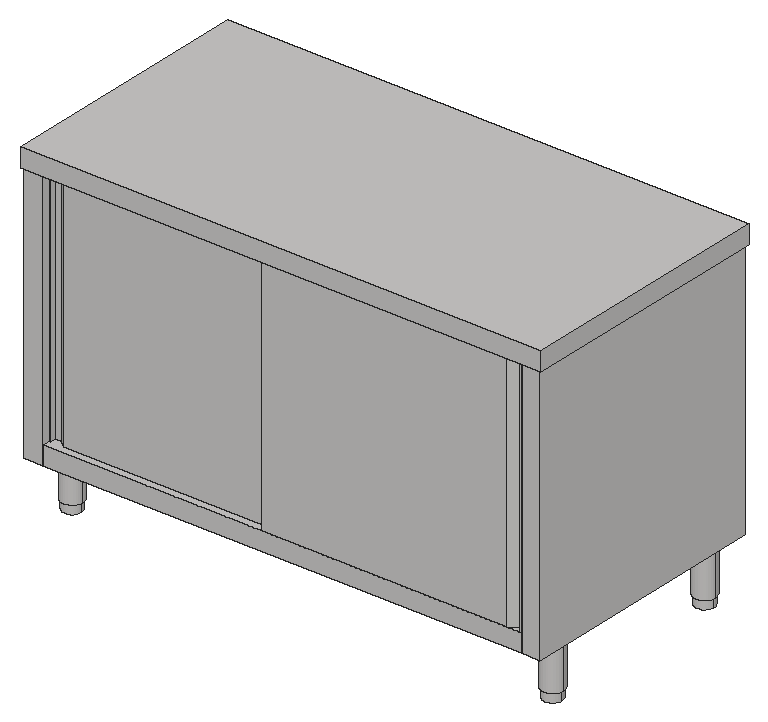
Revit family "QF_ELECTROLUXPROFESSIONAL_132772_MTN1400PN", category Attrezzature speciali, Revit 2020
Family settings
  Quota connettore circolare = Usa diametro
  Tipo di parte = Normale
  Basato su piano di lavoro = No
  Sempre verticale = Sì
  Taglio con vuoti quando caricato = No
  Condiviso = No
  Punto di calcolo locali = No
Parameters (values of type "Standard")
  Weight = 60.00 kg
  Watts = 0 W
  Volts = 0 V
  URL Manufacturer = "https://www.electroluxprofessional.com/"
  URL = "https://www.electroluxprofessional.com/"
  Steam Supply Size = 0 mm
  Steam Supply Minimum Pressure = 0.0 Pa
  Steam Supply Maximum Pressure = 0.0 Pa
  Steam Consumption per Hour = 0
  Refrigeration Suction Line Size = 0.0 mm
  Refrigeration Liquid Line Size = 0.0 mm
  Refrigerant Compressor Remote = yes
  Prospetto di default = 0.0 mm
  Produttore = "Electrolux Professional"
  Phase = 0
  Modello = "MTN1400PN"
  Length Actual = 1400.0 mm  # constant formula
  Item Number = "132772"
  Hot Water Size = 0 mm
  Height Actual = 900.0 mm  # constant formula
  HP = "0 HP"
  Gas Size = 0 mm
  Gas KW = 0
  Gas Input Pressure = 0 W
  Direct Waste Size = 0 mm
  Descrizione = "WORKTOP CUPB.+SHELF+SLIDING DOORS 1400MM"
  Depth Actual = 700.0 mm  # constant formula
  Cycle = 0 Hz
  Condensate Return Size = 0 mm
  Compressed Air Volume = 0.0 L/s
  Compressed Air Size = 0 mm
  Compressed Air Pressure = 0.0 Pa
  Cold Water Size = 0 mm
  Accessory = yes
Reference planes
  plane 1 "Center (Front/Back)": y = 0
  plane 2: z = 0
  plane 3 "Center (Left/Right)": x = -200
  plane 4 "LEFT": x = -900
  plane 5 "RIGHT": x = 500
  plane 6 "BACK": y = 350
  plane 7 "FRONT": y = -350
  plane 8 "Base": z = 850
  plane 9 "TOP": z = 900
  plane 10: x = -846.9
  plane 11: x = 446.9
  plane 12: y = 270
  plane 13: y = -241.9
  plane 14 "BodyLeft": x = -894.5
  plane 15 "BodyFront": y = -344.5
  plane 16 "BodyRight": x = 494.5
  plane 17 "BodyBack": y = 344.5
  plane 18 "FEET": z = 150
  plane 19: x = -144.5
  plane 20: x = -255.5
Forms (mm)
  Extrusion 1, solid, material "QF_Finishes_Stainless Steel"
    sketch origin (-200, 0, 0) x (0, 1, 0) y (0, 0, 1)
      loop
        line (-350, 850) -> (350, 850) -> (350, 900) -> (-350, 900) -> (-350, 850)
    from 700 to -700
  Extrusion 2, solid, material "QF_Finishes_Stainless Steel"
    sketch origin (0, 0, 150) x (-1, 0, 0) y (0, -1, 0)
      loop
        line (894.5, -344.5) -> (894.5, 344.5) -> (844.5, 344.5) -> (844.5, -344.5) -> (894.5, -344.5)
      loop
        line (-444.5, -344.5) -> (-444.5, 344.5) -> (-494.5, 344.5) -> (-494.5, -344.5) -> (-444.5, -344.5)
    from 0 to 700
  Extrusion 3, solid, material "QF_Finishes_Stainless Steel"
    sketch origin (0, 0, 150) x (-1, 0, 0) y (0, -1, 0)
      loop
        line (843.585, -344.5) -> (843.585, 344.5) -> (-444.5, 344.5) -> (-444.5, -344.5) -> (843.585, -344.5)
    from 0 to 50
  Extrusion 4, solid, material "QF_Finishes_Stainless Steel"
    sketch origin (0, 0, 150) x (-1, 0, 0) y (0, -1, 0)
      loop
        line (843.585, -344.5) -> (843.585, -294.5) -> (-444.5, -294.5) -> (-444.5, -344.5) -> (843.585, -344.5)
    from 50 to 700
  Extrusion 5, solid, material "QF_Finishes_Stainless Steel"
    sketch origin (0, 0, 150) x (-1, 0, 0) y (0, -1, 0)
      loop
        line (-444.5, 344.5) -> (-444.5, 324.5) -> (255.5, 324.5) -> (255.5, 344.5) -> (-404.5, 344.5) -> (-424.5, 329.5) -> (-439.5, 329.5) -> (-439.5, 344.5) -> (-444.5, 344.5)
    from 50 to 700
  Extrusion 6, solid, material "QF_Finishes_Stainless Steel"
    sketch origin (0, 20, 150) x (1, 0, 0) y (0, 1, 0)
      loop
        line (-844.5, -344.5) -> (-839.5, -344.5) -> (-839.5, -329.5) -> (-824.5, -329.5) -> (-804.5, -344.5) -> (-144.5, -344.5) -> (-144.5, -324.5) -> (-844.5, -324.5) -> (-844.5, -344.5)
    from 50 to 700
Lines and regions (mm)
  symbolic lines
    curve 1: line (500, 350, 900) -> (-900, 350, 900)
    curve 2: line (-900, 350, 900) -> (-900, -350, 900)
    curve 3: line (-900, -350, 900) -> (500, -350, 900)
    curve 4: line (500, -350, 900) -> (500, 350, 900)
  symbolic lines, style "SpecialityEquipmentHiddenLines"
    curve 5: line (-894.5, 344.5, 150) -> (494.5, 344.5, 150)
    curve 6: line (-894.5, -344.5, 150) -> (-894.5, 344.5, 150)
    curve 7: line (494.5, -344.5, 150) -> (-894.5, -344.5, 150)
    curve 8: line (494.5, 344.5, 150) -> (494.5, -344.5, 150)
    curve 9: line (-844.5, -304.5, 150) -> (-144.5, -304.5, 150)
    curve 10: line (-144.5, -304.5, 150) -> (-144.5, -324.5, 150)
    curve 11: line (-844.5, -324.5, 150) -> (444.5, -324.5, 150)
    curve 12: line (444.5, -324.5, 150) -> (444.5, -344.5, 150)
    curve 13: line (-255.5, -324.5, 150) -> (-255.5, -344.5, 150)
    curve 14: line (-844.5, -304.5, 150) -> (-844.5, -324.5, 150)
Dimensions and locks
  plane 4 "LEFT" to plane 5 "RIGHT" = 1400.0 mm
  equal spacing: plane 4 "LEFT", plane 3 "Center (Left/Right)", plane 5 "RIGHT"
  locked: plane 8 "Base" to level at 850
  plane 9 "TOP" to level = 900.0 mm
  plane 6 "BACK" to plane 7 "FRONT" = 700.0 mm
  equal spacing: plane 6 "BACK", plane 1 "Center (Front/Back)", plane 7 "FRONT"
  locked: plane 4 "LEFT" to plane 14 "BodyLeft" at 5.5
  locked: plane 16 "BodyRight" to plane 5 "RIGHT" at 5.5
  locked: plane 15 "BodyFront" to plane 7 "FRONT" at 5.5
  locked: plane 6 "BACK" to plane 17 "BodyBack" at 5.5
  locked: plane 14 "BodyLeft" to plane 10 at 47.6
  locked: plane 11 to plane 16 "BodyRight" at 47.6
  locked: plane 13 to plane 15 "BodyFront" at 102.6
  locked: plane 17 "BodyBack" to plane 12 at 74.5
  plane 10 to plane 11 = 1293.8 mm
  plane 12 to plane 13 = 511.9 mm
  locked: plane 14 "BodyLeft" to Extrusion 2 sketch curve at 50
  locked: Extrusion 2 sketch curve to Extrusion 2 sketch curve at 50
  Extrusion 3 to Extrusion 4 sketch curve = 50.0 mm
  Extrusion 2 to plane 19 = 700.0 mm
  plane 20 to Extrusion 2 = 700.0 mm
  locked: plane 18 "FEET" to level at 150
  aligned and locked: level to plane 2
  aligned and locked: plane 10 to nested 1
  aligned and locked: nested 1 to plane 13
  aligned and locked: plane 11 to nested 2
  aligned and locked: nested 2 to plane 13
  aligned and locked: plane 11 to nested 4
  aligned and locked: nested 4 to plane 12
  aligned and locked: plane 10 to nested 3
  aligned and locked: nested 3 to plane 12
  aligned and locked: Extrusion 1 to plane 4 "LEFT"
  aligned and locked: plane 5 "RIGHT" to Extrusion 1
  aligned and locked: curve 2 to plane 4 "LEFT"
  aligned and locked: plane 17 "BodyBack" to Extrusion 2 sketch curve
  aligned and locked: Extrusion 2 sketch curve to plane 15 "BodyFront"
  aligned and locked: Extrusion 2 sketch curve to plane 14 "BodyLeft"
  aligned and locked: plane 16 "BodyRight" to Extrusion 2 sketch curve
  aligned and locked: Extrusion 2 sketch curve to plane 17 "BodyBack"
  aligned and locked: plane 15 "BodyFront" to Extrusion 2 sketch curve
  aligned and locked: Extrusion 3 sketch curve to plane 17 "BodyBack"
  aligned and locked: plane 15 "BodyFront" to Extrusion 3 sketch curve
  aligned and locked: plane 8 "Base" to Extrusion 2
  aligned and locked: Extrusion 4 sketch curve to Extrusion 3
  aligned and locked: plane 8 "Base" to Extrusion 5
  aligned and locked: Extrusion 5 to Extrusion 3
  aligned and locked: Extrusion 6 sketch curve to plane 19
  aligned and locked: Extrusion 5 sketch curve to plane 20
  aligned and locked: Extrusion 1 to plane 8 "Base"
  aligned and locked: plane 9 "TOP" to Extrusion 1
  aligned and locked: curve 5 to plane 17 "BodyBack"
  aligned and locked: plane 14 "BodyLeft" to curve 6
  aligned and locked: plane 15 "BodyFront" to curve 7
  aligned and locked: plane 16 "BodyRight" to curve 8
Automatic sketch dimensions
  curve 3 to plane 7 "FRONT" = 0.0 mm
  curve 4 to plane 6 "BACK" = 0.0 mm
  Extrusion 1 sketch curve to plane 7 "FRONT" = 0.0 mm
  plane 9 "TOP" to Extrusion 1 sketch curve = 0.0 mm
  Extrusion 1 sketch curve to plane 6 "BACK" = 0.0 mm
  Extrusion 1 sketch curve to plane 8 "Base" = 0.0 mm
  Extrusion 5 sketch curve to plane 15 "BodyFront" = 0.0 mm  (x2)
  Extrusion 5 sketch curve to plane 11 = 2.4 mm
  Extrusion 5 sketch curve to Extrusion 5 sketch curve = 5.0 mm
  Extrusion 5 sketch curve to Extrusion 5 sketch curve = 15.0 mm
  Extrusion 5 sketch curve to Extrusion 5 sketch curve = 20.0 mm
  plane 15 "BodyFront" to Extrusion 5 sketch curve = 15.0 mm
  plane 15 "BodyFront" to Extrusion 5 sketch curve = 20.0 mm
  Extrusion 6 sketch curve to plane 15 "BodyFront" = 20.0 mm  (x2)
  Extrusion 6 sketch curve to plane 10 = 2.4 mm
  Extrusion 6 sketch curve to Extrusion 6 sketch curve = 5.0 mm
  Extrusion 6 sketch curve to Extrusion 6 sketch curve = 15.0 mm
  Extrusion 6 sketch curve to Extrusion 6 sketch curve = 20.0 mm  (x2)
  Extrusion 6 sketch curve to plane 15 "BodyFront" = 35.0 mm
  Extrusion 3 sketch curve to plane 11 = 2.4 mm
  plane 10 to Extrusion 3 sketch curve = 3.315 mm
  Extrusion 4 sketch curve to plane 11 = 2.4 mm
  plane 10 to Extrusion 4 sketch curve = 3.315 mm
  curve 10 to plane 19 = 0.0 mm
  curve 13 to plane 20 = 0.0 mm
  curve 11 to plane 11 = 2.4 mm
  plane 15 "BodyFront" to curve 9 = 40.0 mm
  curve 12 to curve 12 = 20.0 mm
  plane 10 to curve 14 = 2.4 mm
  curve 4 to plane 5 "RIGHT" = 0.0 mm
Nested families
  nested 1: "FEET_D58-150" at (-846.9, -241.9, 0), type "FEET_D58-150"
  nested 2: "FEET_D58-150" at (446.9, -241.9, 0), type "FEET_D58-150"
  nested 3: "FEET_D58-150" at (-846.9, 270, 0), type "FEET_D58-150"
  nested 4: "FEET_D58-150" at (446.9, 270, 0), type "FEET_D58-150"
Definition of nested family "FEET_D58-150"
  Parameters
    Default Elevation = 0.0 mm
    FEET = 150.0 mm
  Reference planes
    plane 1 "Center (Front/Back)": y = 0
    plane 2: z = 0
    plane 3 "Center (Left/Right)": x = 0
    plane 4: z = 150
  Forms (mm)
    Extrusion 1, solid
      sketch origin (0, 0, 0) x (1, 0, 0) y (0, 1, 0)
        loop
          circle (0, 0) r 25
      from 0 to 25
    Extrusion 2, solid
      sketch origin (0, 0, 0) x (1, 0, 0) y (0, 1, 0)
        loop
          circle (0.061, 0) r 29
      from 25 to 150 <- "FEET"
  Lines and regions (mm)
    symbolic lines
      curve 1: line (0, -1.503, 0) -> (0, 1.508, 0)
      curve 2: line (1.561, 0, 0) -> (-1.439, 0, 0)
  Dimensions and locks
    "FEET": plane 4 to plane 2
    aligned and locked: level to plane 2
  Automatic sketch dimensions
    plane 1 "Center (Front/Back)" to Extrusion 1 sketch curve = 0.0 mm
    Extrusion 1 sketch curve to plane 3 "Center (Left/Right)" = 0.0 mm
    plane 1 "Center (Front/Back)" to curve 2 = 0.0 mm
    curve 1 to plane 3 "Center (Left/Right)" = 0.0 mm
    curve 2 to plane 3 "Center (Left/Right)" = 1.439 mm
    plane 3 "Center (Left/Right)" to curve 2 = 1.561 mm
    plane 1 "Center (Front/Back)" to curve 1 = 1.503 mm
    curve 1 to plane 1 "Center (Front/Back)" = 1.508 mm
    plane 1 "Center (Front/Back)" to Extrusion 2 sketch curve = 0.0 mm
    plane 3 "Center (Left/Right)" to Extrusion 2 sketch curve = 0.061 mm
    radius of Extrusion 1 sketch curve = 25.0 mm
    radius of Extrusion 2 sketch curve = 29.0 mm
